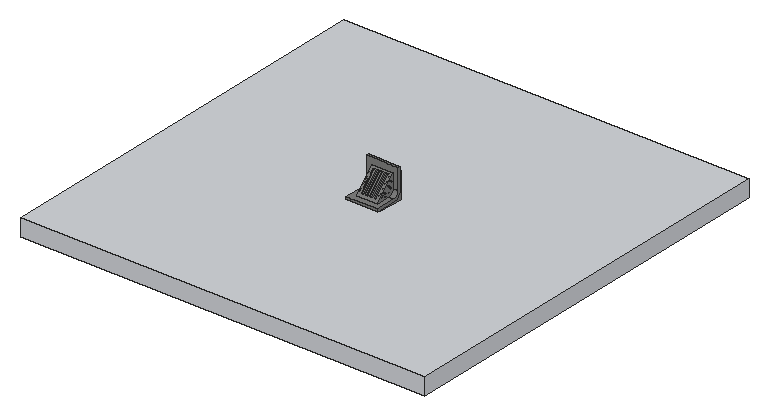
Revit family
Parameters
  URL = "WWW.MIFAB.COM"
  Roof Drain Material = Roof Drain
  Pipe Radius = 1.50"
  Pipe Diameter = Pipe Radius * 2  # 3.00"
  Model = "R1322"
  Manufacturer = "MIFAB"
  Description = "SCUPPER DRAIN WITH ANGLE GRATE AND 90 DEGREE OUTLET"
  Default Elevation = 48.00"
Reference planes (in)
  plane 1 "Center (Front/Back)": y = 0
  plane 2: z = 0
  plane 3 "Center (Left/Right)": x = 0
  plane 4: x = -3.75
  plane 5: x = 3.75
  plane 6: x = -2.3
  plane 7 "1": x = 2.3
  plane 8 "2": x = 2.8
  plane 9: x = -2.8
  plane 10: y = -5.152
  plane 11: y = -6.68
  plane 12: y = 1.25
  plane 13: z = 8.13
  plane 14: z = 0
  plane 15: z = 0.2
  plane 16: z = 1.5
  plane 17: z = 2
  plane 18: y = 2.45
  plane 19: through (0, -2.68327, 4.17393) normal (0, 0.7071, -0.7071)
  plane 20: y = -0.74783
  plane 21: z = 2.21126
  plane 22: z = 1.451
Forms (in)
  Extrusion 1, solid
    sketch origin (0, 0, 0) x (1, 0, 0) y (0, 1, 0)
      loop
        line (-48, 48) -> (-48, -48) -> (48, -48) -> (48, 48) -> (-48, 48)
    from 0 to -4
  Extrusion 2, solid, material "Roof Drain" <- "Roof Drain Material"
    sketch origin (1.23765, -0.001, 1.451) x (0, -1, 0) y (0, 0, 1)
      loop
        arc (-0.001, 1.81932) -> (0.53287, 0.53287) -> (1.81932, 0) r 1.81932
        line (1.81932, 0) -> (6.679, 0) -> (6.679, 0.549) -> (1.81932, 0.549)
        arc (1.81932, 0.549) -> (0.92136, 0.92095) -> (0.54941, 1.81891) r 1.26991
        line (0.54941, 1.81891) -> (0.54941, 6.679) -> (-0.001, 6.679) -> (-0.001, 1.81932)
    from -2.51235 to 4.98765
  Extrusion 3, solid, material "Roof Drain" <- "Roof Drain Material"
    sketch origin (2.8, 60, 49.451) x (0, 1, 0) y (0, 0, -1)
      loop
        line (-58.75, 43.13104) -> (-58.75, 49.251) -> (-64.43887, 49.251) -> (-65.48858, 48) -> (-61.82032, 48)
        arc (-61.82032, 48) -> (-60.53387, 47.46713) -> (-60, 46.18068) r 1.81932
        line (-60, 46.18068) -> (-60, 42.14609) -> (-58.75, 43.13104)
    from 0 to 5.6
  Extrusion 4, solid, material "Roof Drain" <- "Roof Drain Material"
    sketch origin (0, 0, 1.451) x (0, 1, 0) y (0, 0, 1)
      loop
        line (-0.55041, 5.151) -> (-5.152, 0.549) -> (-1.82032, 0.549)
        arc (-1.82032, 0.549) -> (-0.92236, 0.92095) -> (-0.55041, 1.81891) r 1.26991
        line (-0.55041, 1.81891) -> (-0.55041, 5.151)
      loop
        line (-2.54184, 2.86435) -> (-2.68327, 2.72293) -> (-1.15478, 1.19444) -> (-1.01335, 1.33586) -> (-2.54184, 2.86435)
      loop
        line (-2.8954, 2.51079) -> (-3.03682, 2.36937) -> (-1.50833, 0.84088) -> (-1.36691, 0.9823) -> (-2.8954, 2.51079)
      loop
        line (-3.24895, 2.15724) -> (-3.39037, 2.01582) -> (-2.15876, 0.7842) -> (-2.01734, 0.92563) -> (-3.24895, 2.15724)
      loop
        line (-3.6025, 1.80369) -> (-3.74393, 1.66227) -> (-2.87169, 0.79003) -> (-2.73026, 0.93145) -> (-3.6025, 1.80369)
      loop
        line (-3.95606, 1.45013) -> (-4.09748, 1.30871) -> (-3.58461, 0.79585) -> (-3.44319, 0.93727) -> (-3.95606, 1.45013)
      loop
        line (-4.26274, 1.11221) -> (-4.40416, 0.97078) -> (-4.25067, 0.81729) -> (-4.10925, 0.95872) -> (-4.26274, 1.11221)
      loop
        line (-2.32971, 3.07648) -> (-1.01997, 1.76674) -> (-0.87855, 1.90816) -> (-2.18829, 3.2179) -> (-2.32971, 3.07648)
      loop
        line (-1.97616, 3.43003) -> (-0.96329, 2.41717) -> (-0.82187, 2.55859) -> (-1.83474, 3.57145) -> (-1.97616, 3.43003)
      loop
        line (-1.62261, 3.78359) -> (-0.96911, 3.1301) -> (-0.82769, 3.27152) -> (-1.48118, 3.92501) -> (-1.62261, 3.78359)
      loop
        line (-1.26905, 4.13714) -> (-0.97494, 3.84303) -> (-0.83352, 3.98445) -> (-1.12763, 4.27856) -> (-1.26905, 4.13714)
    from 2.465 to -2.465
  Extrusion 5, solid
    sketch origin (0, 0, -22.049) x (1, 0, 0) y (0, 0, 1)
      loop
        circle (0, 23.549) r 1.5
    from -2.45 to -1.25
  Extrusion 6, void
    sketch origin (0, 0, 1.451) x (0, 1, 0) y (0, 0, 1)
      loop
        line (-4.65761, 0.74858) -> (-1.75791, 0.74858)
        arc (-1.75791, 0.74858) -> (-1.05077, 1.04149) -> (-0.75787, 1.74863) r 1.00004
        line (-0.75787, 1.74863) -> (-0.75787, 4.64832) -> (-4.65761, 0.74858)
    from -1.965 to 1.965
  Extrusion 7, void
    sketch origin (0, 0, -22.049) x (1, 0, 0) y (0, 0, 1)
      loop
        line (-1.1125, 28.87336) -> (-1.1125, 24.62889) -> (-0.78965, 24.62889) -> (-0.78965, 28.87336) -> (-1.1125, 28.87336)
      loop
        line (-0.4875, 28.87336) -> (-0.4875, 24.62889) -> (-0.16465, 24.62889) -> (-0.16465, 28.87336) -> (-0.4875, 28.87336)
      loop
        line (-1.7375, 28.87336) -> (-1.7375, 24.62889) -> (-1.41465, 24.62889) -> (-1.41465, 28.87336) -> (-1.7375, 28.87336)
      loop
        line (1.1125, 28.87336) -> (0.78965, 28.87336) -> (0.78965, 24.62889) -> (1.1125, 24.62889) -> (1.1125, 28.87336)
      loop
        line (0.4875, 28.87336) -> (0.16465, 28.87336) -> (0.16465, 24.62889) -> (0.4875, 24.62889) -> (0.4875, 28.87336)
      loop
        line (1.7375, 28.87336) -> (1.41465, 28.87336) -> (1.41465, 24.62889) -> (1.7375, 24.62889) -> (1.7375, 28.87336)
    from 0.97769 to 4.69455
Cuts and joins
  Extrusion 6 cuts Extrusion 2
  Extrusion 6 cuts Extrusion 3
  Extrusion 6, Extrusion 7 cuts Extrusion 4
Dimensions and locks (in)
  locked: plane 7 "1" to plane 8 "2" at 0.5
  locked: plane 9 to plane 6 at 0.5
  plane 12 to plane 11 = 7.93"
  plane 1 "Center (Front/Back)" to plane 11 = 6.68"
  plane 14 to plane 13 = 8.13"
  plane 15 to plane 13 = 7.93"
  "Pipe Radius": plane 16 to plane 14
  plane 18 to plane 11 = 9.13"
  locked: plane 22 to level at 1.451
  plane 5 to plane 4 = 7.50"
  plane 8 "2" to plane 9 = 5.60"
  equal spacing: plane 8 "2", plane 3 "Center (Left/Right)", plane 9
  "Pipe Radius": radius of Extrusion 5 sketch curve
  aligned and locked: plane 2 to Extrusion 1
  aligned and locked: level to Extrusion 1
  aligned and locked: Extrusion 2 to Extrusion 4 sketch curve
  aligned and locked: Extrusion 4 sketch curve to Extrusion 2
  aligned and locked: Extrusion 3 to plane 15
  aligned and locked: Extrusion 5 to plane 12
  aligned and locked: Extrusion 5 to plane 18
  aligned and locked: plane 16 to Extrusion 5 sketch curve
  aligned and locked: Extrusion 6 sketch curve to Extrusion 4
  aligned and locked: plane 22 to cut or joined group of Extrusion 2, Extrusion 6
  aligned and locked: Extrusion 3 sketch curve to plane 22
  aligned and locked: plane 1 "Center (Front/Back)" to Extrusion 3 sketch curve
  aligned and locked: Extrusion 3 sketch curve to plane 12
  aligned and locked: plane 15 to Extrusion 3 sketch curve
  aligned and locked: cut or joined group of Extrusion 3, Extrusion 6 to plane 8 "2"
  aligned and locked: cut or joined group of Extrusion 3, Extrusion 6 to plane 9
Automatic sketch dimensions
  Extrusion 1 sketch curve to Extrusion 1 sketch curve = 96.00"  (x2)
  Extrusion 2 sketch curve to Extrusion 2 sketch curve = 0.00"  (x2)
  Extrusion 2 sketch curve to Extrusion 2 sketch curve = 0.00041"
  Extrusion 2 sketch curve to plane 1 "Center (Front/Back)" = 0.00"
  plane 13 to Extrusion 2 sketch curve = 0.00"
  Extrusion 2 sketch curve to Extrusion 2 sketch curve = 0.001"
  Extrusion 2 sketch curve to Extrusion 2 sketch curve = 0.54941"
  Extrusion 2 sketch curve to plane 17 = 0.00"
  Extrusion 2 sketch curve to Extrusion 2 sketch curve = 1.26991"
  Extrusion 3 sketch curve to Extrusion 3 sketch curve = 0.001"
  Extrusion 3 sketch curve to plane 1 "Center (Front/Back)" = 1.82032"
  Extrusion 3 sketch curve to Extrusion 3 sketch curve = 0.00"
  Extrusion 3 sketch curve to plane 13 = 1.81004"
  Extrusion 3 sketch curve to plane 13 = 0.82509"
  plane 19 to Extrusion 4 sketch curve = 0.00"  (x18)
  Extrusion 4 sketch curve to plane 21 = 0.35194"
  Extrusion 4 sketch curve to Extrusion 4 sketch curve = 0.14142"  (x6)
  Extrusion 4 sketch curve to plane 21 = 0.05703"
  Extrusion 4 sketch curve to Extrusion 4 sketch curve = 0.15349"
  Extrusion 4 sketch curve to plane 21 = 0.54845"
  Extrusion 4 sketch curve to plane 21 = 0.68987"
  Extrusion 4 sketch curve to plane 21 = 0.902"
  Extrusion 4 sketch curve to plane 21 = 1.04343"
  Extrusion 4 sketch curve to plane 21 = 0.03559"
  Extrusion 4 sketch curve to plane 21 = 1.25556"
  Extrusion 4 sketch curve to plane 21 = 1.39698"
  Extrusion 4 sketch curve to plane 21 = 1.60911"
  Extrusion 4 sketch curve to plane 21 = 1.75053"
  Extrusion 4 sketch curve to plane 21 = 0.02976"
  Extrusion 4 sketch curve to Extrusion 4 sketch curve = 0.21213"  (x6)
  Extrusion 4 sketch curve to plane 21 = 0.02394"
  Extrusion 4 sketch curve to plane 21 = 0.08062"
  plane 20 to Extrusion 4 sketch curve = 0.27214"
  plane 20 to Extrusion 4 sketch curve = 0.22711"
  plane 20 to Extrusion 4 sketch curve = 0.22129"
  plane 20 to Extrusion 4 sketch curve = 0.21547"
  Extrusion 4 sketch curve to Extrusion 4 sketch curve = 0.87244"
  Extrusion 5 sketch curve to plane 3 "Center (Left/Right)" = 0.00"
  Extrusion 6 sketch curve to plane 17 = 0.19958"
  plane 1 "Center (Front/Back)" to Extrusion 6 sketch curve = 1.75791"
  plane 1 "Center (Front/Back)" to Extrusion 6 sketch curve = 0.75787"
  Extrusion 2 sketch curve to plane 11 = 0.00"
  Extrusion 3 sketch curve to plane 10 = 0.71313"
  plane 10 to Extrusion 3 sketch curve = 0.33658"
  Extrusion 4 sketch curve to plane 10 = 0.00"
  Extrusion 4 sketch curve to Extrusion 4 sketch curve = 0.30668"
  Extrusion 7 sketch curve to Extrusion 7 sketch curve = 0.32285"  (x6)
  Extrusion 7 sketch curve to Extrusion 7 sketch curve = 0.30215"  (x4)
  Extrusion 7 sketch curve to plane 3 "Center (Left/Right)" = 0.16465"
  plane 3 "Center (Left/Right)" to Extrusion 7 sketch curve = 0.16465"
  Extrusion 7 sketch curve to plane 17 = 0.57989"  (x3)
  Extrusion 7 sketch curve to Extrusion 7 sketch curve = 0.00"  (x7)
  plane 13 to Extrusion 7 sketch curve = 1.30564"  (x2)
Connectors (in)
  piping at (0, 2.45, 1.5), driven by "Pipe Radius"
    settings: on Extrusion 5, index 1, connector radius 1 1/2", flow factor 0, pipe flow 0 GPM, pressure drop 0.00 psi, fitting loss kfactor 0, connector angle 0.00°, fixture units 0, flow configuration 0, flow direction 2, fitting loss method 0, system type 16, connector reference index -1, connector utility 0, adjustable connector no, is connector primary yes, fitting loss table "", connector description ""
